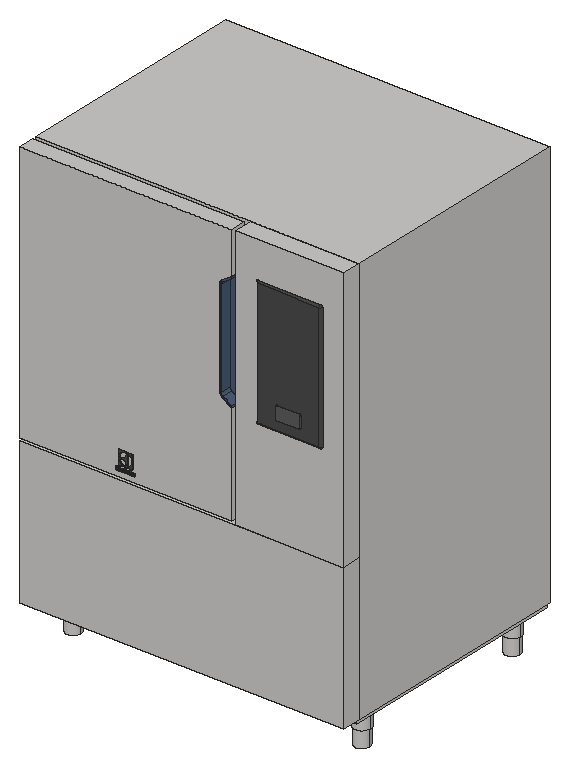
Revit family "QF_ELECTROLUXPROFESSIONAL_727876_EBFA12URE", category Specialty Equipment, Revit 2018
Family settings
  Round Connector Dimension = Use Diameter
  Part Type = Normal
  Work Plane-Based = No
  Always vertical = Yes
  Cut with Voids When Loaded = No
  Shared = No
  Room Calculation Point = No
Parameters
  Weight = 0.00 kg
  Watts = 0 W
  Volts = 380 V
  URL Manufacturer = "http://professional.electrolux.com"
  URL = "http://professional.electrolux.com"
  Steam Supply Size = 0 mm
  Steam Supply Minimum Pressure = 0.0 Pa
  Steam Supply Maximum Pressure = 0.0 Pa
  Steam Pounds per Hour = 0
  Show Logo [instance] = yes
  Show Clearance [instance] = yes
  Refrigeration Suction Line Size = 0 mm
  Refrigeration Liquid Line Size = 0 mm
  Refrigerant Compressor Remote = yes
  Manufacturer = "Electrolux"
  Phase = 3
  Model = "EBFA12URE"
  Length Actual = 1250 mm  # constant formula
  Item Number = "727876"
  Hot Water Size = 0 mm
  Height Actual = 1730 mm  # constant formula
  HP = "7.4 HP"
  Gas Size = 0 mm
  Gas KW = 0
  Gas Input Pressure = 0 W
  Direct Waste Size = 139.7 mm
  Description = "SKYLINE CHILLS BLAST CHILLER FREEZER 100/70KG 10 GN 2/1 - WITH UV LAMP"
  Depth Actual = 1092 mm  # constant formula
  Cycle = 50 Hz
  Condensate Return Size = 0 mm
  Compressed Air Volume = 0.0 L/s
  Compressed Air Size = 0 mm
  Compressed Air Pressure = 0.0 Pa
  Cold Water Size = 0 mm
  Accessory = yes
Reference planes
  plane 1 "Center X": y = 205.851
  plane 2: z = 0
  plane 3 "Center Y": x = -311.5
  plane 4 "BACK": y = 703.851
  plane 5 "FRONT": y = -292.149
  plane 6: z = 130
  plane 7 "TOP": z = 1730
  plane 8: y = 608.851
  plane 9: y = 795.851
  plane 10: y = -1071.149
  plane 11 "RIGHT": x = 313.5
  plane 12 "LEFT": x = -936.5
  plane 13: x = -869.5
  plane 14: x = 246.5
  plane 15: y = -118.149
Forms (mm)
  Extrusion 1, solid, material "QF_Finishes_Stainless Steel"
    sketch origin (0, 0, 1730) x (-1, 0, 0) y (0, -1, 0)
      loop
        line (936.5, -703.851) -> (936.5, 216.149) -> (-313.5, 216.149) -> (-313.5, -703.851) -> (936.5, -703.851)
    from 0 to -1580
  Extrusion 2, solid, material "QF_Finishes_Stainless Steel"
    sketch origin (-645.92, -0.954, 258.709) x (0, 1, 0) y (0, 0, 1)
      loop
        line (704.805, 694.306) -> (704.805, 392.314) -> (789.5, 399.789)
        arc (789.5, 399.789) -> (794.702, 402.354) -> (796.805, 407.759) r 8
        line (796.805, 407.759) -> (796.805, 433.233)
        arc (796.805, 433.233) -> (792.783, 442.547) -> (796.805, 451.86) r 12.795
        line (796.805, 451.86) -> (796.805, 483.24)
        arc (796.805, 483.24) -> (792.783, 492.554) -> (796.805, 501.867) r 12.795
        line (796.805, 501.867) -> (796.805, 533.247)
        arc (796.805, 533.247) -> (792.783, 542.56) -> (796.805, 551.874) r 12.795
        line (796.805, 551.874) -> (796.805, 583.254)
        arc (796.805, 583.254) -> (792.783, 592.567) -> (796.805, 601.881) r 12.795
        line (796.805, 601.881) -> (796.805, 634.796)
        arc (796.805, 634.796) -> (795.466, 639.795) -> (791.808, 643.455) r 10
        line (791.808, 643.455) -> (704.805, 694.306)
    from 618.187 to 801.865
  Extrusion 3, solid, material "QF_Finishes_Stainless Steel"
    sketch origin (-261.647, 703.851, 2065) x (1, 0, 0) y (0, 0, -1)
      loop
        circle (482.147, 1472) r 10.5
    from 0 to 29
  Extrusion 4, solid, material "QF_Finishes_Stainless Steel"
    sketch origin (-1206.916, -1524, 130) x (-1, 0, 0) y (0, -1, 0)
      loop
        line (-270.416, -1231.851) -> (-1520.416, -1231.851) -> (-1520.416, -1306.851) -> (-270.416, -1306.851) -> (-270.416, -1231.851)
    from 580 to 20.02
  Extrusion 5, solid, material "QF_Finishes_Stainless Steel"
    sketch origin (-1206.916, -1524, 130) x (-1, 0, 0) y (0, -1, 0)
      loop
        line (-279.416, -2227.851) -> (-279.416, -1309.851) -> (-1511.416, -1309.851) -> (-1511.416, -2227.851) -> (-279.416, -2227.851)
    from 20 to 0
  Extrusion 6, solid, material "QF_Finishes_Stainless Steel"
    sketch origin (-1206.916, -1524, 130) x (0, -1, 0) y (-1, 0, 0)
      loop
        circle (-1739.851, -840.416) r 9.5
    from 0 to 31.68
  Extrusion 7, void
    sketch origin (114.08, 0, 1730) x (-1, 0, 0) y (0, -1, 0)
      loop
        line (132.09, -795.851) -> (141.813, -795.851) -> (141.813, -703.851) -> (140.183, -703.851) -> (132.09, -795.851)
      loop
        line (-40.234, -703.851) -> (-41.865, -703.851) -> (-41.865, -795.851) -> (-32.141, -795.851) -> (-40.234, -703.851)
    from -1080 to -770
  Extrusion 8, solid, material "QF_Finishes_Stainless Steel"
    sketch origin (-623, -292.149, 0) x (1, 0, 0) y (0, 0, -1)
      loop
        line (504.7, -1730) -> (504.7, -1567.97) -> (468.447, -1543.888)
        arc (468.447, -1543.888) -> (462.216, -1537.041) -> (459.96, -1528.062) r 19
        line (459.96, -1528.062) -> (459.96, -1153.149)
        arc (459.96, -1153.149) -> (462.339, -1143.688) -> (468.91, -1136.479) r 20
        line (468.91, -1136.479) -> (504.7, -1112.756) -> (504.7, -719.524) -> (-313.5, -719.524) -> (-313.5, -1730) -> (504.7, -1730)
    from 0 to 60
  Extrusion 9, solid, material "QF_Finishes_Stainless Steel"
    sketch origin (-445.5, 0, 1060.038) x (1, 0, 0) y (0, 1, 0)
      loop
        line (759, -292.149) -> (759, -217.149) -> (342, -217.149) -> (342, -292.149) -> (759, -292.149)
    from 669.962 to -349
  Extrusion 10, solid, material "QF_Door-Drawer Clearances", visible <- "Show Clearance", detail levels coarse
    sketch origin (-623, 0, 1060.038) x (1, 0, 0) y (0, 1, 0)
      loop
        line (-260.5, -292.149) -> (-260.5, -1068.649)
        arc (-260.5, -1068.649) -> (276.158, -832.215) -> (504.7, -292.149) r 795
        line (504.7, -292.149) -> (-260.5, -292.149)
    from -340.514 to 669.962
  Extrusion 11, solid, material "QF_Finishes_Stainless Steel"
    sketch origin (-569.5, -232.149, 600.072) x (1, 0, 0) y (0, 0, -1)
      loop
        line (406.46, -553.076) -> (406.46, -927.989)
        arc (406.46, -927.989) -> (408.716, -936.969) -> (414.947, -943.816) r 19
        line (414.947, -943.816) -> (451.2, -967.898) -> (451.2, -512.683) -> (415.41, -536.406)
        arc (415.41, -536.406) -> (408.839, -543.616) -> (406.46, -553.076) r 20
    from -21 to 0
  Extrusion 12, solid, material "QF_Finishes_Electrolux_Blue"
    sketch origin (-569.5, -292.149, 600.072) x (-1, 0, 0) y (0, 0, -1)
      loop
        line (-451.2, -967.898) -> (-414.947, -943.816)
        arc (-414.947, -943.816) -> (-408.716, -936.969) -> (-406.46, -927.989) r 19
        line (-406.46, -927.989) -> (-406.46, -553.076)
        arc (-406.46, -553.076) -> (-408.839, -543.616) -> (-415.41, -536.406) r 20
        line (-415.41, -536.406) -> (-451.2, -512.683) -> (-453.7, -512.683) -> (-453.7, -518.824) -> (-419.001, -541.824)
        arc (-419.001, -541.824) -> (-414.566, -546.691) -> (-412.96, -553.076) r 13.5
        line (-412.96, -553.076) -> (-412.96, -927.989)
        arc (-412.96, -927.989) -> (-414.444, -933.897) -> (-418.543, -938.401) r 12.5
        line (-418.543, -938.401) -> (-453.7, -961.755) -> (-453.7, -967.898) -> (-451.2, -967.898)
    from -39 to 1
  Extrusion 13, void
    sketch origin (136, -219.149, 1731) x (1, 0, 0) y (0, 0, -1)
      loop
        line (-387.5, 75) -> (-387.5, 977) -> (-998.5, 977) -> (-998.5, 75) -> (-387.5, 75)
    from 0 to 705
  Extrusion 14, solid, material "QF_Door-Drawer Clearances", visible <- "Show Clearance", detail levels coarse
    sketch origin (-943.5, -326.949, 0) x (0, -1, 0) y (0, 0, -1)
      loop
        line (741.7, -1730) -> (741.7, -1567.97) -> (705.447, -1543.888)
        arc (705.447, -1543.888) -> (699.216, -1537.041) -> (696.96, -1528.062) r 19
        line (696.96, -1528.062) -> (696.96, -1153.149)
        arc (696.96, -1153.149) -> (699.339, -1143.688) -> (705.91, -1136.479) r 20
        line (705.91, -1136.479) -> (741.7, -1112.756) -> (741.7, -719.524) -> (-34.8, -719.524) -> (-34.8, -1730) -> (741.7, -1730)
    from 0 to 60
  Extrusion 15, solid, material "QF_Door-Drawer Clearances", visible <- "Show Clearance", detail levels coarse
    sketch origin (-883.5, -380.449, 600.072) x (0, -1, 0) y (0, 0, -1)
      loop
        line (643.46, -553.076) -> (643.46, -927.989)
        arc (643.46, -927.989) -> (645.716, -936.969) -> (651.947, -943.816) r 19
        line (651.947, -943.816) -> (688.2, -967.898) -> (688.2, -512.683) -> (652.41, -536.406)
        arc (652.41, -536.406) -> (645.839, -543.616) -> (643.46, -553.076) r 20
    from -21 to 0
  Extrusion 16, solid, material "QF_Door-Drawer Clearances", visible <- "Show Clearance", detail levels coarse
    sketch origin (-943.5, -380.449, 600.072) x (0, 1, 0) y (0, 0, -1)
      loop
        line (-688.2, -967.898) -> (-651.947, -943.816)
        arc (-651.947, -943.816) -> (-645.716, -936.969) -> (-643.46, -927.989) r 19
        line (-643.46, -927.989) -> (-643.46, -553.076)
        arc (-643.46, -553.076) -> (-645.839, -543.616) -> (-652.41, -536.406) r 20
        line (-652.41, -536.406) -> (-688.2, -512.683) -> (-690.7, -512.683) -> (-690.7, -518.824) -> (-656.001, -541.824)
        arc (-656.001, -541.824) -> (-651.566, -546.691) -> (-649.96, -553.076) r 13.5
        line (-649.96, -553.076) -> (-649.96, -927.989)
        arc (-649.96, -927.989) -> (-651.444, -933.897) -> (-655.543, -938.401) r 12.5
        line (-655.543, -938.401) -> (-690.7, -961.755) -> (-690.7, -967.898) -> (-688.2, -967.898)
    from -39 to 1
Cuts and joins
  Extrusion 13 cuts Extrusion 1
  Extrusion 7, Extrusion 13 cuts Extrusion 2
  Extrusion 13 cuts Extrusion 3
  Extrusion 13 cuts Extrusion 5
  Extrusion 13 cuts Extrusion 6
  joined: Extrusion 1, Extrusion 2, Extrusion 3, Extrusion 5, Extrusion 6
  joined: Extrusion 10, Extrusion 14, Extrusion 15, Extrusion 16
Lines and regions (mm)
  Split face 1
    outline origin (775.107, -292.149, -365.12) x (-1, 0, 0) y (0, 0, -1)
      loop
        line (491.638, -548.639) -> (601.654, -548.639) -> (601.654, -543.665) -> (491.638, -543.665) -> (491.638, -548.639)
  Split face 2
    outline origin (775.107, -292.149, -355.62) x (-1, 0, 0) y (0, 0, -1)
      loop
        line (491.638, -548.639) -> (601.654, -548.639) -> (601.654, -543.665) -> (491.638, -543.665) -> (491.638, -548.639)
  Split face 3
    outline origin (775.107, -292.149, -346.12) x (-1, 0, 0) y (0, 0, -1)
      loop
        line (491.638, -548.639) -> (601.654, -548.639) -> (601.654, -543.665) -> (491.638, -543.665) -> (491.638, -548.639)
  Split face 4
    outline origin (775.107, -292.149, -336.62) x (-1, 0, 0) y (0, 0, -1)
      loop
        line (491.638, -548.639) -> (601.654, -548.639) -> (601.654, -543.665) -> (491.638, -543.665) -> (491.638, -548.639)
  Split face 5
    outline origin (775.107, -292.149, -327.12) x (-1, 0, 0) y (0, 0, -1)
      loop
        line (491.638, -548.639) -> (601.654, -548.639) -> (601.654, -543.665) -> (491.638, -543.665) -> (491.638, -548.639)
  Split face 6
    outline origin (775.107, -292.149, -317.619) x (-1, 0, 0) y (0, 0, -1)
      loop
        line (491.638, -548.639) -> (601.654, -548.639) -> (601.654, -543.665) -> (491.638, -543.665) -> (491.638, -548.639)
  Split face 7
    outline origin (775.107, -292.149, -308.119) x (-1, 0, 0) y (0, 0, -1)
      loop
        line (491.638, -548.639) -> (601.654, -548.639) -> (601.654, -543.665) -> (491.638, -543.665) -> (491.638, -548.639)
  Split face 8
    outline origin (775.107, -292.149, -298.619) x (-1, 0, 0) y (0, 0, -1)
      loop
        line (491.638, -548.639) -> (601.654, -548.639) -> (601.654, -543.665) -> (491.638, -543.665) -> (491.638, -548.639)
  Split face 9
    outline origin (775.107, -292.149, -289.119) x (-1, 0, 0) y (0, 0, -1)
      loop
        line (491.638, -548.639) -> (601.654, -548.639) -> (601.654, -543.665) -> (491.638, -543.665) -> (491.638, -548.639)
  Split face 10
    outline origin (775.107, -292.149, -279.619) x (-1, 0, 0) y (0, 0, -1)
      loop
        line (491.638, -548.639) -> (601.654, -548.639) -> (601.654, -543.665) -> (491.638, -543.665) -> (491.638, -548.639)
  Split face 11
    outline origin (775.107, -292.149, -270.119) x (-1, 0, 0) y (0, 0, -1)
      loop
        line (491.638, -548.639) -> (601.654, -548.639) -> (601.654, -543.665) -> (491.638, -543.665) -> (491.638, -548.639)
  Split face 12
    outline origin (775.107, -292.149, -260.619) x (-1, 0, 0) y (0, 0, -1)
      loop
        line (491.638, -548.639) -> (601.654, -548.639) -> (601.654, -543.665) -> (491.638, -543.665) -> (491.638, -548.639)
  Split face 13
    outline origin (775.107, -292.149, -251.119) x (-1, 0, 0) y (0, 0, -1)
      loop
        line (491.638, -548.639) -> (601.654, -548.639) -> (601.654, -543.665) -> (491.638, -543.665) -> (491.638, -548.639)
  Split face 14
    outline origin (775.107, -292.149, -241.619) x (-1, 0, 0) y (0, 0, -1)
      loop
        line (491.638, -548.639) -> (601.654, -548.639) -> (601.654, -543.665) -> (491.638, -543.665) -> (491.638, -548.639)
  Split face 15
    outline origin (775.107, -292.149, -232.119) x (-1, 0, 0) y (0, 0, -1)
      loop
        line (491.638, -548.639) -> (601.654, -548.639) -> (601.654, -543.665) -> (491.638, -543.665) -> (491.638, -548.639)
  Split face 16
    outline origin (775.107, -292.149, -222.619) x (-1, 0, 0) y (0, 0, -1)
      loop
        line (491.638, -548.639) -> (601.654, -548.639) -> (601.654, -543.665) -> (491.638, -543.665) -> (491.638, -548.639)
  Split face 17
    outline origin (775.107, -292.149, -213.119) x (-1, 0, 0) y (0, 0, -1)
      loop
        line (491.638, -548.639) -> (601.654, -548.639) -> (601.654, -543.665) -> (491.638, -543.665) -> (491.638, -548.639)
  Split face 18
    outline origin (775.107, -292.149, -203.619) x (-1, 0, 0) y (0, 0, -1)
      loop
        line (491.638, -548.639) -> (601.654, -548.639) -> (601.654, -543.665) -> (491.638, -543.665) -> (491.638, -548.639)
  Split face 19
    outline origin (775.107, -292.149, -194.118) x (-1, 0, 0) y (0, 0, -1)
      loop
        line (491.638, -548.639) -> (601.654, -548.639) -> (601.654, -543.665) -> (491.638, -543.665) -> (491.638, -548.639)
  Split face 20
    outline origin (775.107, -292.149, -184.618) x (-1, 0, 0) y (0, 0, -1)
      loop
        line (491.638, -548.639) -> (601.654, -548.639) -> (601.654, -543.665) -> (491.638, -543.665) -> (491.638, -548.639)
  Split face 21
    outline origin (775.107, -292.149, -175.118) x (-1, 0, 0) y (0, 0, -1)
      loop
        line (491.638, -548.639) -> (601.654, -548.639) -> (601.654, -543.665) -> (491.638, -543.665) -> (491.638, -548.639)
  Split face 22
    outline origin (775.107, -292.149, -165.618) x (-1, 0, 0) y (0, 0, -1)
      loop
        line (491.638, -548.639) -> (601.654, -548.639) -> (601.654, -543.665) -> (491.638, -543.665) -> (491.638, -548.639)
  Split face 23
    outline origin (775.107, -292.149, -156.118) x (-1, 0, 0) y (0, 0, -1)
      loop
        line (491.638, -548.639) -> (601.654, -548.639) -> (601.654, -543.665) -> (491.638, -543.665) -> (491.638, -548.639)
  Split face 24
    outline origin (775.107, -292.149, -146.618) x (-1, 0, 0) y (0, 0, -1)
      loop
        line (491.638, -548.639) -> (601.654, -548.639) -> (601.654, -543.665) -> (491.638, -543.665) -> (491.638, -548.639)
  Split face 25
    outline origin (775.107, -292.149, -137.118) x (-1, 0, 0) y (0, 0, -1)
      loop
        line (491.638, -548.639) -> (601.654, -548.639) -> (601.654, -543.665) -> (491.638, -543.665) -> (491.638, -548.639)
  Split face 26
    outline origin (775.107, -292.149, -127.618) x (-1, 0, 0) y (0, 0, -1)
      loop
        line (491.638, -548.639) -> (601.654, -548.639) -> (601.654, -543.665) -> (491.638, -543.665) -> (491.638, -548.639)
  Split face 27
    outline origin (775.107, -292.149, -118.118) x (-1, 0, 0) y (0, 0, -1)
      loop
        line (491.638, -548.639) -> (601.654, -548.639) -> (601.654, -543.665) -> (491.638, -543.665) -> (491.638, -548.639)
  Split face 28
    outline origin (775.107, -292.149, -108.618) x (-1, 0, 0) y (0, 0, -1)
      loop
        line (491.638, -548.639) -> (601.654, -548.639) -> (601.654, -543.665) -> (491.638, -543.665) -> (491.638, -548.639)
  Split face 29
    outline origin (775.107, -292.149, -99.118) x (-1, 0, 0) y (0, 0, -1)
      loop
        line (491.638, -548.639) -> (601.654, -548.639) -> (601.654, -543.665) -> (491.638, -543.665) -> (491.638, -548.639)
  Split face 30
    outline origin (775.107, -292.149, -89.618) x (-1, 0, 0) y (0, 0, -1)
      loop
        line (491.638, -548.639) -> (601.654, -548.639) -> (601.654, -543.665) -> (491.638, -543.665) -> (491.638, -548.639)
  Split face 31
    outline origin (775.107, -292.149, -80.117) x (-1, 0, 0) y (0, 0, -1)
      loop
        line (491.638, -548.639) -> (601.654, -548.639) -> (601.654, -543.665) -> (491.638, -543.665) -> (491.638, -548.639)
  Split face 32
    outline origin (775.107, -292.149, -70.617) x (-1, 0, 0) y (0, 0, -1)
      loop
        line (491.638, -548.639) -> (601.654, -548.639) -> (601.654, -543.665) -> (491.638, -543.665) -> (491.638, -548.639)
  Split face 33
    outline origin (775.107, -292.149, -61.117) x (-1, 0, 0) y (0, 0, -1)
      loop
        line (491.638, -548.639) -> (601.654, -548.639) -> (601.654, -543.665) -> (491.638, -543.665) -> (491.638, -548.639)
  Split face 34
    outline origin (775.107, -292.149, -51.617) x (-1, 0, 0) y (0, 0, -1)
      loop
        line (491.638, -548.639) -> (601.654, -548.639) -> (601.654, -543.665) -> (491.638, -543.665) -> (491.638, -548.639)
  Split face 35
    outline origin (775.107, -292.149, -42.117) x (-1, 0, 0) y (0, 0, -1)
      loop
        line (491.638, -548.639) -> (601.654, -548.639) -> (601.654, -543.665) -> (491.638, -543.665) -> (491.638, -548.639)
  Split face 36
    outline origin (775.107, -292.149, -32.617) x (-1, 0, 0) y (0, 0, -1)
      loop
        line (491.638, -548.639) -> (601.654, -548.639) -> (601.654, -543.665) -> (491.638, -543.665) -> (491.638, -548.639)
  Split face 37
    outline origin (775.107, -292.149, -23.117) x (-1, 0, 0) y (0, 0, -1)
      loop
        line (491.638, -548.639) -> (601.654, -548.639) -> (601.654, -543.665) -> (491.638, -543.665) -> (491.638, -548.639)
  Split face 38
    outline origin (775.107, -292.149, -13.617) x (-1, 0, 0) y (0, 0, -1)
      loop
        line (491.638, -548.639) -> (601.654, -548.639) -> (601.654, -543.665) -> (491.638, -543.665) -> (491.638, -548.639)
  Split face 39
    outline origin (775.107, -292.149, -4.117) x (-1, 0, 0) y (0, 0, -1)
      loop
        line (491.638, -548.639) -> (601.654, -548.639) -> (601.654, -543.665) -> (491.638, -543.665) -> (491.638, -548.639)
  Split face 40
    outline origin (775.107, -292.149, 5.383) x (-1, 0, 0) y (0, 0, -1)
      loop
        line (491.638, -548.639) -> (601.654, -548.639) -> (601.654, -543.665) -> (491.638, -543.665) -> (491.638, -548.639)
  Split face 41
    outline origin (775.107, -292.149, 14.883) x (-1, 0, 0) y (0, 0, -1)
      loop
        line (491.638, -548.639) -> (601.654, -548.639) -> (601.654, -543.665) -> (491.638, -543.665) -> (491.638, -548.639)
  Split face 42
    outline origin (655.115, -292.149, -365.12) x (-1, 0, 0) y (0, 0, -1)
      loop
        line (491.638, -548.639) -> (601.654, -548.639) -> (601.654, -543.665) -> (491.638, -543.665) -> (491.638, -548.639)
  Split face 43
    outline origin (655.115, -292.149, -355.62) x (-1, 0, 0) y (0, 0, -1)
      loop
        line (491.638, -548.639) -> (601.654, -548.639) -> (601.654, -543.665) -> (491.638, -543.665) -> (491.638, -548.639)
  Split face 44
    outline origin (655.115, -292.149, -346.12) x (-1, 0, 0) y (0, 0, -1)
      loop
        line (491.638, -548.639) -> (601.654, -548.639) -> (601.654, -543.665) -> (491.638, -543.665) -> (491.638, -548.639)
  Split face 45
    outline origin (655.115, -292.149, -336.62) x (-1, 0, 0) y (0, 0, -1)
      loop
        line (491.638, -548.639) -> (601.654, -548.639) -> (601.654, -543.665) -> (491.638, -543.665) -> (491.638, -548.639)
  Split face 46
    outline origin (655.115, -292.149, -327.12) x (-1, 0, 0) y (0, 0, -1)
      loop
        line (491.638, -548.639) -> (601.654, -548.639) -> (601.654, -543.665) -> (491.638, -543.665) -> (491.638, -548.639)
  Split face 47
    outline origin (655.115, -292.149, -317.619) x (-1, 0, 0) y (0, 0, -1)
      loop
        line (491.638, -548.639) -> (601.654, -548.639) -> (601.654, -543.665) -> (491.638, -543.665) -> (491.638, -548.639)
  Split face 48
    outline origin (655.115, -292.149, -308.119) x (-1, 0, 0) y (0, 0, -1)
      loop
        line (491.638, -548.639) -> (601.654, -548.639) -> (601.654, -543.665) -> (491.638, -543.665) -> (491.638, -548.639)
  Split face 49
    outline origin (655.115, -292.149, -298.619) x (-1, 0, 0) y (0, 0, -1)
      loop
        line (491.638, -548.639) -> (601.654, -548.639) -> (601.654, -543.665) -> (491.638, -543.665) -> (491.638, -548.639)
  Split face 50
    outline origin (655.115, -292.149, -289.119) x (-1, 0, 0) y (0, 0, -1)
      loop
        line (491.638, -548.639) -> (601.654, -548.639) -> (601.654, -543.665) -> (491.638, -543.665) -> (491.638, -548.639)
  Split face 51
    outline origin (655.115, -292.149, -279.619) x (-1, 0, 0) y (0, 0, -1)
      loop
        line (491.638, -548.639) -> (601.654, -548.639) -> (601.654, -543.665) -> (491.638, -543.665) -> (491.638, -548.639)
  Split face 52
    outline origin (655.115, -292.149, -270.119) x (-1, 0, 0) y (0, 0, -1)
      loop
        line (491.638, -548.639) -> (601.654, -548.639) -> (601.654, -543.665) -> (491.638, -543.665) -> (491.638, -548.639)
  Split face 53
    outline origin (655.115, -292.149, -260.619) x (-1, 0, 0) y (0, 0, -1)
      loop
        line (491.638, -548.639) -> (601.654, -548.639) -> (601.654, -543.665) -> (491.638, -543.665) -> (491.638, -548.639)
  Split face 54
    outline origin (655.115, -292.149, -251.119) x (-1, 0, 0) y (0, 0, -1)
      loop
        line (491.638, -548.639) -> (601.654, -548.639) -> (601.654, -543.665) -> (491.638, -543.665) -> (491.638, -548.639)
  Split face 55
    outline origin (655.115, -292.149, -241.619) x (-1, 0, 0) y (0, 0, -1)
      loop
        line (491.638, -548.639) -> (601.654, -548.639) -> (601.654, -543.665) -> (491.638, -543.665) -> (491.638, -548.639)
  Split face 56
    outline origin (655.115, -292.149, -232.119) x (-1, 0, 0) y (0, 0, -1)
      loop
        line (491.638, -548.639) -> (601.654, -548.639) -> (601.654, -543.665) -> (491.638, -543.665) -> (491.638, -548.639)
  Split face 57
    outline origin (655.115, -292.149, -222.619) x (-1, 0, 0) y (0, 0, -1)
      loop
        line (491.638, -548.639) -> (601.654, -548.639) -> (601.654, -543.665) -> (491.638, -543.665) -> (491.638, -548.639)
  Split face 58
    outline origin (655.115, -292.149, -213.119) x (-1, 0, 0) y (0, 0, -1)
      loop
        line (491.638, -548.639) -> (601.654, -548.639) -> (601.654, -543.665) -> (491.638, -543.665) -> (491.638, -548.639)
  Split face 59
    outline origin (655.115, -292.149, -203.619) x (-1, 0, 0) y (0, 0, -1)
      loop
        line (491.638, -548.639) -> (601.654, -548.639) -> (601.654, -543.665) -> (491.638, -543.665) -> (491.638, -548.639)
  Split face 60
    outline origin (655.115, -292.149, -194.118) x (-1, 0, 0) y (0, 0, -1)
      loop
        line (491.638, -548.639) -> (601.654, -548.639) -> (601.654, -543.665) -> (491.638, -543.665) -> (491.638, -548.639)
  Split face 61
    outline origin (655.115, -292.149, -184.618) x (-1, 0, 0) y (0, 0, -1)
      loop
        line (491.638, -548.639) -> (601.654, -548.639) -> (601.654, -543.665) -> (491.638, -543.665) -> (491.638, -548.639)
  Split face 62
    outline origin (655.115, -292.149, -175.118) x (-1, 0, 0) y (0, 0, -1)
      loop
        line (491.638, -548.639) -> (601.654, -548.639) -> (601.654, -543.665) -> (491.638, -543.665) -> (491.638, -548.639)
  Split face 63
    outline origin (655.115, -292.149, -165.618) x (-1, 0, 0) y (0, 0, -1)
      loop
        line (491.638, -548.639) -> (601.654, -548.639) -> (601.654, -543.665) -> (491.638, -543.665) -> (491.638, -548.639)
  Split face 64
    outline origin (655.115, -292.149, -156.118) x (-1, 0, 0) y (0, 0, -1)
      loop
        line (491.638, -548.639) -> (601.654, -548.639) -> (601.654, -543.665) -> (491.638, -543.665) -> (491.638, -548.639)
  Split face 65
    outline origin (655.115, -292.149, -146.618) x (-1, 0, 0) y (0, 0, -1)
      loop
        line (491.638, -548.639) -> (601.654, -548.639) -> (601.654, -543.665) -> (491.638, -543.665) -> (491.638, -548.639)
  Split face 66
    outline origin (655.115, -292.149, -137.118) x (-1, 0, 0) y (0, 0, -1)
      loop
        line (491.638, -548.639) -> (601.654, -548.639) -> (601.654, -543.665) -> (491.638, -543.665) -> (491.638, -548.639)
  Split face 67
    outline origin (655.115, -292.149, -127.618) x (-1, 0, 0) y (0, 0, -1)
      loop
        line (491.638, -548.639) -> (601.654, -548.639) -> (601.654, -543.665) -> (491.638, -543.665) -> (491.638, -548.639)
  Split face 68
    outline origin (655.115, -292.149, -118.118) x (-1, 0, 0) y (0, 0, -1)
      loop
        line (491.638, -548.639) -> (601.654, -548.639) -> (601.654, -543.665) -> (491.638, -543.665) -> (491.638, -548.639)
  Split face 69
    outline origin (655.115, -292.149, -108.618) x (-1, 0, 0) y (0, 0, -1)
      loop
        line (491.638, -548.639) -> (601.654, -548.639) -> (601.654, -543.665) -> (491.638, -543.665) -> (491.638, -548.639)
  Split face 70
    outline origin (655.115, -292.149, -99.118) x (-1, 0, 0) y (0, 0, -1)
      loop
        line (491.638, -548.639) -> (601.654, -548.639) -> (601.654, -543.665) -> (491.638, -543.665) -> (491.638, -548.639)
  Split face 71
    outline origin (655.115, -292.149, -89.618) x (-1, 0, 0) y (0, 0, -1)
      loop
        line (491.638, -548.639) -> (601.654, -548.639) -> (601.654, -543.665) -> (491.638, -543.665) -> (491.638, -548.639)
  Split face 72
    outline origin (655.115, -292.149, -80.117) x (-1, 0, 0) y (0, 0, -1)
      loop
        line (491.638, -548.639) -> (601.654, -548.639) -> (601.654, -543.665) -> (491.638, -543.665) -> (491.638, -548.639)
  Split face 73
    outline origin (655.115, -292.149, -70.617) x (-1, 0, 0) y (0, 0, -1)
      loop
        line (491.638, -548.639) -> (601.654, -548.639) -> (601.654, -543.665) -> (491.638, -543.665) -> (491.638, -548.639)
  Split face 74
    outline origin (655.115, -292.149, -61.117) x (-1, 0, 0) y (0, 0, -1)
      loop
        line (491.638, -548.639) -> (601.654, -548.639) -> (601.654, -543.665) -> (491.638, -543.665) -> (491.638, -548.639)
  Split face 75
    outline origin (655.115, -292.149, -51.617) x (-1, 0, 0) y (0, 0, -1)
      loop
        line (491.638, -548.639) -> (601.654, -548.639) -> (601.654, -543.665) -> (491.638, -543.665) -> (491.638, -548.639)
  Split face 76
    outline origin (655.115, -292.149, -42.117) x (-1, 0, 0) y (0, 0, -1)
      loop
        line (491.638, -548.639) -> (601.654, -548.639) -> (601.654, -543.665) -> (491.638, -543.665) -> (491.638, -548.639)
  Split face 77
    outline origin (655.115, -292.149, -32.617) x (-1, 0, 0) y (0, 0, -1)
      loop
        line (491.638, -548.639) -> (601.654, -548.639) -> (601.654, -543.665) -> (491.638, -543.665) -> (491.638, -548.639)
  Split face 78
    outline origin (655.115, -292.149, -23.117) x (-1, 0, 0) y (0, 0, -1)
      loop
        line (491.638, -548.639) -> (601.654, -548.639) -> (601.654, -543.665) -> (491.638, -543.665) -> (491.638, -548.639)
  Split face 79
    outline origin (655.115, -292.149, -13.617) x (-1, 0, 0) y (0, 0, -1)
      loop
        line (491.638, -548.639) -> (601.654, -548.639) -> (601.654, -543.665) -> (491.638, -543.665) -> (491.638, -548.639)
  Split face 80
    outline origin (655.115, -292.149, -4.117) x (-1, 0, 0) y (0, 0, -1)
      loop
        line (491.638, -548.639) -> (601.654, -548.639) -> (601.654, -543.665) -> (491.638, -543.665) -> (491.638, -548.639)
  Split face 81
    outline origin (655.115, -292.149, 5.383) x (-1, 0, 0) y (0, 0, -1)
      loop
        line (491.638, -548.639) -> (601.654, -548.639) -> (601.654, -543.665) -> (491.638, -543.665) -> (491.638, -548.639)
  Split face 82
    outline origin (655.115, -292.149, 14.883) x (-1, 0, 0) y (0, 0, -1)
      loop
        line (491.638, -548.639) -> (601.654, -548.639) -> (601.654, -543.665) -> (491.638, -543.665) -> (491.638, -548.639)
  Split face 83
    outline origin (535.124, -292.149, -365.12) x (-1, 0, 0) y (0, 0, -1)
      loop
        line (491.638, -548.639) -> (601.654, -548.639) -> (601.654, -543.665) -> (491.638, -543.665) -> (491.638, -548.639)
  Split face 84
    outline origin (535.124, -292.149, -355.62) x (-1, 0, 0) y (0, 0, -1)
      loop
        line (491.638, -548.639) -> (601.654, -548.639) -> (601.654, -543.665) -> (491.638, -543.665) -> (491.638, -548.639)
  Split face 85
    outline origin (535.124, -292.149, -346.12) x (-1, 0, 0) y (0, 0, -1)
      loop
        line (491.638, -548.639) -> (601.654, -548.639) -> (601.654, -543.665) -> (491.638, -543.665) -> (491.638, -548.639)
  Split face 86
    outline origin (535.124, -292.149, -336.62) x (-1, 0, 0) y (0, 0, -1)
      loop
        line (491.638, -548.639) -> (601.654, -548.639) -> (601.654, -543.665) -> (491.638, -543.665) -> (491.638, -548.639)
  Split face 87
    outline origin (535.124, -292.149, -327.12) x (-1, 0, 0) y (0, 0, -1)
      loop
        line (491.638, -548.639) -> (601.654, -548.639) -> (601.654, -543.665) -> (491.638, -543.665) -> (491.638, -548.639)
  Split face 88
    outline origin (535.124, -292.149, -317.619) x (-1, 0, 0) y (0, 0, -1)
      loop
        line (491.638, -548.639) -> (601.654, -548.639) -> (601.654, -543.665) -> (491.638, -543.665) -> (491.638, -548.639)
  Split face 89
    outline origin (535.124, -292.149, -308.119) x (-1, 0, 0) y (0, 0, -1)
      loop
        line (491.638, -548.639) -> (601.654, -548.639) -> (601.654, -543.665) -> (491.638, -543.665) -> (491.638, -548.639)
  Split face 90
    outline origin (535.124, -292.149, -298.619) x (-1, 0, 0) y (0, 0, -1)
      loop
        line (491.638, -548.639) -> (601.654, -548.639) -> (601.654, -543.665) -> (491.638, -543.665) -> (491.638, -548.639)
  Split face 91
    outline origin (535.124, -292.149, -289.119) x (-1, 0, 0) y (0, 0, -1)
      loop
        line (491.638, -548.639) -> (601.654, -548.639) -> (601.654, -543.665) -> (491.638, -543.665) -> (491.638, -548.639)
  Split face 92
    outline origin (535.124, -292.149, -279.619) x (-1, 0, 0) y (0, 0, -1)
      loop
        line (491.638, -548.639) -> (601.654, -548.639) -> (601.654, -543.665) -> (491.638, -543.665) -> (491.638, -548.639)
  Split face 93
    outline origin (535.124, -292.149, -270.119) x (-1, 0, 0) y (0, 0, -1)
      loop
        line (491.638, -548.639) -> (601.654, -548.639) -> (601.654, -543.665) -> (491.638, -543.665) -> (491.638, -548.639)
  Split face 94
    outline origin (535.124, -292.149, -260.619) x (-1, 0, 0) y (0, 0, -1)
      loop
        line (491.638, -548.639) -> (601.654, -548.639) -> (601.654, -543.665) -> (491.638, -543.665) -> (491.638, -548.639)
  Split face 95
    outline origin (535.124, -292.149, -251.119) x (-1, 0, 0) y (0, 0, -1)
      loop
        line (491.638, -548.639) -> (601.654, -548.639) -> (601.654, -543.665) -> (491.638, -543.665) -> (491.638, -548.639)
  Split face 96
    outline origin (535.124, -292.149, -241.619) x (-1, 0, 0) y (0, 0, -1)
      loop
        line (491.638, -548.639) -> (601.654, -548.639) -> (601.654, -543.665) -> (491.638, -543.665) -> (491.638, -548.639)
  Split face 97
    outline origin (535.124, -292.149, -232.119) x (-1, 0, 0) y (0, 0, -1)
      loop
        line (491.638, -548.639) -> (601.654, -548.639) -> (601.654, -543.665) -> (491.638, -543.665) -> (491.638, -548.639)
  Split face 98
    outline origin (535.124, -292.149, -222.619) x (-1, 0, 0) y (0, 0, -1)
      loop
        line (491.638, -548.639) -> (601.654, -548.639) -> (601.654, -543.665) -> (491.638, -543.665) -> (491.638, -548.639)
  Split face 99
    outline origin (535.124, -292.149, -213.119) x (-1, 0, 0) y (0, 0, -1)
      loop
        line (491.638, -548.639) -> (601.654, -548.639) -> (601.654, -543.665) -> (491.638, -543.665) -> (491.638, -548.639)
  Split face 100
    outline origin (535.124, -292.149, -203.619) x (-1, 0, 0) y (0, 0, -1)
      loop
        line (491.638, -548.639) -> (601.654, -548.639) -> (601.654, -543.665) -> (491.638, -543.665) -> (491.638, -548.639)
  Split face 101
    outline origin (535.124, -292.149, -194.118) x (-1, 0, 0) y (0, 0, -1)
      loop
        line (491.638, -548.639) -> (601.654, -548.639) -> (601.654, -543.665) -> (491.638, -543.665) -> (491.638, -548.639)
  Split face 102
    outline origin (535.124, -292.149, -184.618) x (-1, 0, 0) y (0, 0, -1)
      loop
        line (491.638, -548.639) -> (601.654, -548.639) -> (601.654, -543.665) -> (491.638, -543.665) -> (491.638, -548.639)
  Split face 103
    outline origin (535.124, -292.149, -175.118) x (-1, 0, 0) y (0, 0, -1)
      loop
        line (491.638, -548.639) -> (601.654, -548.639) -> (601.654, -543.665) -> (491.638, -543.665) -> (491.638, -548.639)
  Split face 104
    outline origin (535.124, -292.149, -165.618) x (-1, 0, 0) y (0, 0, -1)
      loop
        line (491.638, -548.639) -> (601.654, -548.639) -> (601.654, -543.665) -> (491.638, -543.665) -> (491.638, -548.639)
  Split face 105
    outline origin (535.124, -292.149, -156.118) x (-1, 0, 0) y (0, 0, -1)
      loop
        line (491.638, -548.639) -> (601.654, -548.639) -> (601.654, -543.665) -> (491.638, -543.665) -> (491.638, -548.639)
  Split face 106
    outline origin (535.124, -292.149, -146.618) x (-1, 0, 0) y (0, 0, -1)
      loop
        line (491.638, -548.639) -> (601.654, -548.639) -> (601.654, -543.665) -> (491.638, -543.665) -> (491.638, -548.639)
  Split face 107
    outline origin (535.124, -292.149, -137.118) x (-1, 0, 0) y (0, 0, -1)
      loop
        line (491.638, -548.639) -> (601.654, -548.639) -> (601.654, -543.665) -> (491.638, -543.665) -> (491.638, -548.639)
  Split face 108
    outline origin (535.124, -292.149, -127.618) x (-1, 0, 0) y (0, 0, -1)
      loop
        line (491.638, -548.639) -> (601.654, -548.639) -> (601.654, -543.665) -> (491.638, -543.665) -> (491.638, -548.639)
  Split face 109
    outline origin (535.124, -292.149, -118.118) x (-1, 0, 0) y (0, 0, -1)
      loop
        line (491.638, -548.639) -> (601.654, -548.639) -> (601.654, -543.665) -> (491.638, -543.665) -> (491.638, -548.639)
  Split face 110
    outline origin (535.124, -292.149, -108.618) x (-1, 0, 0) y (0, 0, -1)
      loop
        line (491.638, -548.639) -> (601.654, -548.639) -> (601.654, -543.665) -> (491.638, -543.665) -> (491.638, -548.639)
  Split face 111
    outline origin (535.124, -292.149, -99.118) x (-1, 0, 0) y (0, 0, -1)
      loop
        line (491.638, -548.639) -> (601.654, -548.639) -> (601.654, -543.665) -> (491.638, -543.665) -> (491.638, -548.639)
  Split face 112
    outline origin (535.124, -292.149, -89.618) x (-1, 0, 0) y (0, 0, -1)
      loop
        line (491.638, -548.639) -> (601.654, -548.639) -> (601.654, -543.665) -> (491.638, -543.665) -> (491.638, -548.639)
  Split face 113
    outline origin (535.124, -292.149, -80.117) x (-1, 0, 0) y (0, 0, -1)
      loop
        line (491.638, -548.639) -> (601.654, -548.639) -> (601.654, -543.665) -> (491.638, -543.665) -> (491.638, -548.639)
  Split face 114
    outline origin (535.124, -292.149, -70.617) x (-1, 0, 0) y (0, 0, -1)
      loop
        line (491.638, -548.639) -> (601.654, -548.639) -> (601.654, -543.665) -> (491.638, -543.665) -> (491.638, -548.639)
  Split face 115
    outline origin (535.124, -292.149, -61.117) x (-1, 0, 0) y (0, 0, -1)
      loop
        line (491.638, -548.639) -> (601.654, -548.639) -> (601.654, -543.665) -> (491.638, -543.665) -> (491.638, -548.639)
  Split face 116
    outline origin (535.124, -292.149, -51.617) x (-1, 0, 0) y (0, 0, -1)
      loop
        line (491.638, -548.639) -> (601.654, -548.639) -> (601.654, -543.665) -> (491.638, -543.665) -> (491.638, -548.639)
  Split face 117
    outline origin (535.124, -292.149, -42.117) x (-1, 0, 0) y (0, 0, -1)
      loop
        line (491.638, -548.639) -> (601.654, -548.639) -> (601.654, -543.665) -> (491.638, -543.665) -> (491.638, -548.639)
  Split face 118
    outline origin (535.124, -292.149, -32.617) x (-1, 0, 0) y (0, 0, -1)
      loop
        line (491.638, -548.639) -> (601.654, -548.639) -> (601.654, -543.665) -> (491.638, -543.665) -> (491.638, -548.639)
  Split face 119
    outline origin (535.124, -292.149, -23.117) x (-1, 0, 0) y (0, 0, -1)
      loop
        line (491.638, -548.639) -> (601.654, -548.639) -> (601.654, -543.665) -> (491.638, -543.665) -> (491.638, -548.639)
  Split face 120
    outline origin (535.124, -292.149, -13.617) x (-1, 0, 0) y (0, 0, -1)
      loop
        line (491.638, -548.639) -> (601.654, -548.639) -> (601.654, -543.665) -> (491.638, -543.665) -> (491.638, -548.639)
  Split face 121
    outline origin (535.124, -292.149, -4.117) x (-1, 0, 0) y (0, 0, -1)
      loop
        line (491.638, -548.639) -> (601.654, -548.639) -> (601.654, -543.665) -> (491.638, -543.665) -> (491.638, -548.639)
  Split face 122
    outline origin (535.124, -292.149, 5.383) x (-1, 0, 0) y (0, 0, -1)
      loop
        line (491.638, -548.639) -> (601.654, -548.639) -> (601.654, -543.665) -> (491.638, -543.665) -> (491.638, -548.639)
  Split face 123
    outline origin (535.124, -292.149, 14.883) x (-1, 0, 0) y (0, 0, -1)
      loop
        line (491.638, -548.639) -> (601.654, -548.639) -> (601.654, -543.665) -> (491.638, -543.665) -> (491.638, -548.639)
  Split face 124
    outline origin (415.133, -292.149, -365.12) x (-1, 0, 0) y (0, 0, -1)
      loop
        line (491.638, -548.639) -> (601.654, -548.639) -> (601.654, -543.665) -> (491.638, -543.665) -> (491.638, -548.639)
  Split face 125
    outline origin (415.133, -292.149, -355.62) x (-1, 0, 0) y (0, 0, -1)
      loop
        line (491.638, -548.639) -> (601.654, -548.639) -> (601.654, -543.665) -> (491.638, -543.665) -> (491.638, -548.639)
  Split face 126
    outline origin (415.133, -292.149, -346.12) x (-1, 0, 0) y (0, 0, -1)
      loop
        line (491.638, -548.639) -> (601.654, -548.639) -> (601.654, -543.665) -> (491.638, -543.665) -> (491.638, -548.639)
  Split face 127
    outline origin (415.133, -292.149, -336.62) x (-1, 0, 0) y (0, 0, -1)
      loop
        line (491.638, -548.639) -> (601.654, -548.639) -> (601.654, -543.665) -> (491.638, -543.665) -> (491.638, -548.639)
  Split face 128
    outline origin (415.133, -292.149, -327.12) x (-1, 0, 0) y (0, 0, -1)
      loop
        line (491.638, -548.639) -> (601.654, -548.639) -> (601.654, -543.665) -> (491.638, -543.665) -> (491.638, -548.639)
  Split face 129
    outline origin (415.133, -292.149, -317.619) x (-1, 0, 0) y (0, 0, -1)
      loop
        line (491.638, -548.639) -> (601.654, -548.639) -> (601.654, -543.665) -> (491.638, -543.665) -> (491.638, -548.639)
  Split face 130
    outline origin (415.133, -292.149, -308.119) x (-1, 0, 0) y (0, 0, -1)
      loop
        line (491.638, -548.639) -> (601.654, -548.639) -> (601.654, -543.665) -> (491.638, -543.665) -> (491.638, -548.639)
  Split face 131
    outline origin (415.133, -292.149, -298.619) x (-1, 0, 0) y (0, 0, -1)
      loop
        line (491.638, -548.639) -> (601.654, -548.639) -> (601.654, -543.665) -> (491.638, -543.665) -> (491.638, -548.639)
  Split face 132
    outline origin (415.133, -292.149, -289.119) x (-1, 0, 0) y (0, 0, -1)
      loop
        line (491.638, -548.639) -> (601.654, -548.639) -> (601.654, -543.665) -> (491.638, -543.665) -> (491.638, -548.639)
  Split face 133
    outline origin (415.133, -292.149, -279.619) x (-1, 0, 0) y (0, 0, -1)
      loop
        line (491.638, -548.639) -> (601.654, -548.639) -> (601.654, -543.665) -> (491.638, -543.665) -> (491.638, -548.639)
  Split face 134
    outline origin (415.133, -292.149, -270.119) x (-1, 0, 0) y (0, 0, -1)
      loop
        line (491.638, -548.639) -> (601.654, -548.639) -> (601.654, -543.665) -> (491.638, -543.665) -> (491.638, -548.639)
  Split face 135
    outline origin (415.133, -292.149, -260.619) x (-1, 0, 0) y (0, 0, -1)
      loop
        line (491.638, -548.639) -> (601.654, -548.639) -> (601.654, -543.665) -> (491.638, -543.665) -> (491.638, -548.639)
  Split face 136
    outline origin (415.133, -292.149, -251.119) x (-1, 0, 0) y (0, 0, -1)
      loop
        line (491.638, -548.639) -> (601.654, -548.639) -> (601.654, -543.665) -> (491.638, -543.665) -> (491.638, -548.639)
  Split face 137
    outline origin (415.133, -292.149, -241.619) x (-1, 0, 0) y (0, 0, -1)
      loop
        line (491.638, -548.639) -> (601.654, -548.639) -> (601.654, -543.665) -> (491.638, -543.665) -> (491.638, -548.639)
  Split face 138
    outline origin (415.133, -292.149, -232.119) x (-1, 0, 0) y (0, 0, -1)
      loop
        line (491.638, -548.639) -> (601.654, -548.639) -> (601.654, -543.665) -> (491.638, -543.665) -> (491.638, -548.639)
  Split face 139
    outline origin (415.133, -292.149, -222.619) x (-1, 0, 0) y (0, 0, -1)
      loop
        line (491.638, -548.639) -> (601.654, -548.639) -> (601.654, -543.665) -> (491.638, -543.665) -> (491.638, -548.639)
  Split face 140
    outline origin (415.133, -292.149, -213.119) x (-1, 0, 0) y (0, 0, -1)
      loop
        line (491.638, -548.639) -> (601.654, -548.639) -> (601.654, -543.665) -> (491.638, -543.665) -> (491.638, -548.639)
  Split face 141
    outline origin (415.133, -292.149, -203.619) x (-1, 0, 0) y (0, 0, -1)
      loop
        line (491.638, -548.639) -> (601.654, -548.639) -> (601.654, -543.665) -> (491.638, -543.665) -> (491.638, -548.639)
  Split face 142
    outline origin (415.133, -292.149, -194.118) x (-1, 0, 0) y (0, 0, -1)
      loop
        line (491.638, -548.639) -> (601.654, -548.639) -> (601.654, -543.665) -> (491.638, -543.665) -> (491.638, -548.639)
  Split face 143
    outline origin (415.133, -292.149, -184.618) x (-1, 0, 0) y (0, 0, -1)
      loop
        line (491.638, -548.639) -> (601.654, -548.639) -> (601.654, -543.665) -> (491.638, -543.665) -> (491.638, -548.639)
  Split face 144
    outline origin (415.133, -292.149, -175.118) x (-1, 0, 0) y (0, 0, -1)
      loop
        line (491.638, -548.639) -> (601.654, -548.639) -> (601.654, -543.665) -> (491.638, -543.665) -> (491.638, -548.639)
  Split face 145
    outline origin (415.133, -292.149, -165.618) x (-1, 0, 0) y (0, 0, -1)
      loop
        line (491.638, -548.639) -> (601.654, -548.639) -> (601.654, -543.665) -> (491.638, -543.665) -> (491.638, -548.639)
  Split face 146
    outline origin (415.133, -292.149, -156.118) x (-1, 0, 0) y (0, 0, -1)
      loop
        line (491.638, -548.639) -> (601.654, -548.639) -> (601.654, -543.665) -> (491.638, -543.665) -> (491.638, -548.639)
  Split face 147
    outline origin (415.133, -292.149, -146.618) x (-1, 0, 0) y (0, 0, -1)
      loop
        line (491.638, -548.639) -> (601.654, -548.639) -> (601.654, -543.665) -> (491.638, -543.665) -> (491.638, -548.639)
  Split face 148
    outline origin (415.133, -292.149, -137.118) x (-1, 0, 0) y (0, 0, -1)
      loop
        line (491.638, -548.639) -> (601.654, -548.639) -> (601.654, -543.665) -> (491.638, -543.665) -> (491.638, -548.639)
  Split face 149
    outline origin (415.133, -292.149, -127.618) x (-1, 0, 0) y (0, 0, -1)
      loop
        line (491.638, -548.639) -> (601.654, -548.639) -> (601.654, -543.665) -> (491.638, -543.665) -> (491.638, -548.639)
  Split face 150
    outline origin (415.133, -292.149, -118.118) x (-1, 0, 0) y (0, 0, -1)
      loop
        line (491.638, -548.639) -> (601.654, -548.639) -> (601.654, -543.665) -> (491.638, -543.665) -> (491.638, -548.639)
  Split face 151
    outline origin (415.133, -292.149, -108.618) x (-1, 0, 0) y (0, 0, -1)
      loop
        line (491.638, -548.639) -> (601.654, -548.639) -> (601.654, -543.665) -> (491.638, -543.665) -> (491.638, -548.639)
  Split face 152
    outline origin (415.133, -292.149, -99.118) x (-1, 0, 0) y (0, 0, -1)
      loop
        line (491.638, -548.639) -> (601.654, -548.639) -> (601.654, -543.665) -> (491.638, -543.665) -> (491.638, -548.639)
  Split face 153
    outline origin (415.133, -292.149, -89.618) x (-1, 0, 0) y (0, 0, -1)
      loop
        line (491.638, -548.639) -> (601.654, -548.639) -> (601.654, -543.665) -> (491.638, -543.665) -> (491.638, -548.639)
  Split face 154
    outline origin (415.133, -292.149, -80.117) x (-1, 0, 0) y (0, 0, -1)
      loop
        line (491.638, -548.639) -> (601.654, -548.639) -> (601.654, -543.665) -> (491.638, -543.665) -> (491.638, -548.639)
  Split face 155
    outline origin (415.133, -292.149, -70.617) x (-1, 0, 0) y (0, 0, -1)
      loop
        line (491.638, -548.639) -> (601.654, -548.639) -> (601.654, -543.665) -> (491.638, -543.665) -> (491.638, -548.639)
  Split face 156
    outline origin (415.133, -292.149, -61.117) x (-1, 0, 0) y (0, 0, -1)
      loop
        line (491.638, -548.639) -> (601.654, -548.639) -> (601.654, -543.665) -> (491.638, -543.665) -> (491.638, -548.639)
  Split face 157
    outline origin (415.133, -292.149, -51.617) x (-1, 0, 0) y (0, 0, -1)
      loop
        line (491.638, -548.639) -> (601.654, -548.639) -> (601.654, -543.665) -> (491.638, -543.665) -> (491.638, -548.639)
  Split face 158
    outline origin (415.133, -292.149, -42.117) x (-1, 0, 0) y (0, 0, -1)
      loop
        line (491.638, -548.639) -> (601.654, -548.639) -> (601.654, -543.665) -> (491.638, -543.665) -> (491.638, -548.639)
  Split face 159
    outline origin (415.133, -292.149, -32.617) x (-1, 0, 0) y (0, 0, -1)
      loop
        line (491.638, -548.639) -> (601.654, -548.639) -> (601.654, -543.665) -> (491.638, -543.665) -> (491.638, -548.639)
  Split face 160
    outline origin (415.133, -292.149, -23.117) x (-1, 0, 0) y (0, 0, -1)
      loop
        line (491.638, -548.639) -> (601.654, -548.639) -> (601.654, -543.665) -> (491.638, -543.665) -> (491.638, -548.639)
  Split face 161
    outline origin (415.133, -292.149, -13.617) x (-1, 0, 0) y (0, 0, -1)
      loop
        line (491.638, -548.639) -> (601.654, -548.639) -> (601.654, -543.665) -> (491.638, -543.665) -> (491.638, -548.639)
  Split face 162
    outline origin (415.133, -292.149, -4.117) x (-1, 0, 0) y (0, 0, -1)
      loop
        line (491.638, -548.639) -> (601.654, -548.639) -> (601.654, -543.665) -> (491.638, -543.665) -> (491.638, -548.639)
  Split face 163
    outline origin (415.133, -292.149, 5.383) x (-1, 0, 0) y (0, 0, -1)
      loop
        line (491.638, -548.639) -> (601.654, -548.639) -> (601.654, -543.665) -> (491.638, -543.665) -> (491.638, -548.639)
  Split face 164
    outline origin (415.133, -292.149, 14.883) x (-1, 0, 0) y (0, 0, -1)
      loop
        line (491.638, -548.639) -> (601.654, -548.639) -> (601.654, -543.665) -> (491.638, -543.665) -> (491.638, -548.639)
  Split face 165
    outline origin (290.168, -292.149, -365.12) x (-1, 0, 0) y (0, 0, -1)
      loop
        line (846.638, -548.639) -> (956.654, -548.639) -> (956.654, -543.665) -> (846.638, -543.665) -> (846.638, -548.639)
  Split face 166
    outline origin (290.168, -292.149, -355.62) x (-1, 0, 0) y (0, 0, -1)
      loop
        line (846.638, -548.639) -> (956.654, -548.639) -> (956.654, -543.665) -> (846.638, -543.665) -> (846.638, -548.639)
  Split face 167
    outline origin (290.168, -292.149, -346.12) x (-1, 0, 0) y (0, 0, -1)
      loop
        line (846.638, -548.639) -> (956.654, -548.639) -> (956.654, -543.665) -> (846.638, -543.665) -> (846.638, -548.639)
  Split face 168
    outline origin (290.168, -292.149, -336.62) x (-1, 0, 0) y (0, 0, -1)
      loop
        line (846.638, -548.639) -> (956.654, -548.639) -> (956.654, -543.665) -> (846.638, -543.665) -> (846.638, -548.639)
  Split face 169
    outline origin (290.168, -292.149, -327.12) x (-1, 0, 0) y (0, 0, -1)
      loop
        line (846.638, -548.639) -> (956.654, -548.639) -> (956.654, -543.665) -> (846.638, -543.665) -> (846.638, -548.639)
  Split face 170
    outline origin (290.168, -292.149, -317.619) x (-1, 0, 0) y (0, 0, -1)
      loop
        line (846.638, -548.639) -> (956.654, -548.639) -> (956.654, -543.665) -> (846.638, -543.665) -> (846.638, -548.639)
  Split face 171
    outline origin (290.168, -292.149, -308.119) x (-1, 0, 0) y (0, 0, -1)
      loop
        line (846.638, -548.639) -> (956.654, -548.639) -> (956.654, -543.665) -> (846.638, -543.665) -> (846.638, -548.639)
  Split face 172
    outline origin (290.168, -292.149, -298.619) x (-1, 0, 0) y (0, 0, -1)
      loop
        line (846.638, -548.639) -> (956.654, -548.639) -> (956.654, -543.665) -> (846.638, -543.665) -> (846.638, -548.639)
  Split face 173
    outline origin (290.168, -292.149, -289.119) x (-1, 0, 0) y (0, 0, -1)
      loop
        line (846.638, -548.639) -> (956.654, -548.639) -> (956.654, -543.665) -> (846.638, -543.665) -> (846.638, -548.639)
  Split face 174
    outline origin (290.168, -292.149, -279.619) x (-1, 0, 0) y (0, 0, -1)
      loop
        line (846.638, -548.639) -> (956.654, -548.639) -> (956.654, -543.665) -> (846.638, -543.665) -> (846.638, -548.639)
  Split face 175
    outline origin (290.168, -292.149, -270.119) x (-1, 0, 0) y (0, 0, -1)
      loop
        line (846.638, -548.639) -> (956.654, -548.639) -> (956.654, -543.665) -> (846.638, -543.665) -> (846.638, -548.639)
  Split face 176
    outline origin (290.168, -292.149, -260.619) x (-1, 0, 0) y (0, 0, -1)
      loop
        line (846.638, -548.639) -> (956.654, -548.639) -> (956.654, -543.665) -> (846.638, -543.665) -> (846.638, -548.639)
  Split face 177
    outline origin (290.168, -292.149, -251.119) x (-1, 0, 0) y (0, 0, -1)
      loop
        line (846.638, -548.639) -> (956.654, -548.639) -> (956.654, -543.665) -> (846.638, -543.665) -> (846.638, -548.639)
  Split face 178
    outline origin (290.168, -292.149, -241.619) x (-1, 0, 0) y (0, 0, -1)
      loop
        line (846.638, -548.639) -> (956.654, -548.639) -> (956.654, -543.665) -> (846.638, -543.665) -> (846.638, -548.639)
  Split face 179
    outline origin (290.168, -292.149, -232.119) x (-1, 0, 0) y (0, 0, -1)
      loop
        line (846.638, -548.639) -> (956.654, -548.639) -> (956.654, -543.665) -> (846.638, -543.665) -> (846.638, -548.639)
  Split face 180
    outline origin (290.168, -292.149, -222.619) x (-1, 0, 0) y (0, 0, -1)
      loop
        line (846.638, -548.639) -> (956.654, -548.639) -> (956.654, -543.665) -> (846.638, -543.665) -> (846.638, -548.639)
  Split face 181
    outline origin (290.168, -292.149, -213.119) x (-1, 0, 0) y (0, 0, -1)
      loop
        line (846.638, -548.639) -> (956.654, -548.639) -> (956.654, -543.665) -> (846.638, -543.665) -> (846.638, -548.639)
  Split face 182
    outline origin (290.168, -292.149, -203.619) x (-1, 0, 0) y (0, 0, -1)
      loop
        line (846.638, -548.639) -> (956.654, -548.639) -> (956.654, -543.665) -> (846.638, -543.665) -> (846.638, -548.639)
  Split face 183
    outline origin (290.168, -292.149, -194.118) x (-1, 0, 0) y (0, 0, -1)
      loop
        line (846.638, -548.639) -> (956.654, -548.639) -> (956.654, -543.665) -> (846.638, -543.665) -> (846.638, -548.639)
  Split face 184
    outline origin (290.168, -292.149, -184.618) x (-1, 0, 0) y (0, 0, -1)
      loop
        line (846.638, -548.639) -> (956.654, -548.639) -> (956.654, -543.665) -> (846.638, -543.665) -> (846.638, -548.639)
  Split face 185
    outline origin (290.168, -292.149, -175.118) x (-1, 0, 0) y (0, 0, -1)
      loop
        line (846.638, -548.639) -> (956.654, -548.639) -> (956.654, -543.665) -> (846.638, -543.665) -> (846.638, -548.639)
  Split face 186
    outline origin (290.168, -292.149, -165.618) x (-1, 0, 0) y (0, 0, -1)
      loop
        line (846.638, -548.639) -> (956.654, -548.639) -> (956.654, -543.665) -> (846.638, -543.665) -> (846.638, -548.639)
  Split face 187
    outline origin (290.168, -292.149, -156.118) x (-1, 0, 0) y (0, 0, -1)
      loop
        line (846.638, -548.639) -> (956.654, -548.639) -> (956.654, -543.665) -> (846.638, -543.665) -> (846.638, -548.639)
  Split face 188
    outline origin (290.168, -292.149, -146.618) x (-1, 0, 0) y (0, 0, -1)
      loop
        line (846.638, -548.639) -> (956.654, -548.639) -> (956.654, -543.665) -> (846.638, -543.665) -> (846.638, -548.639)
  Split face 189
    outline origin (290.168, -292.149, -137.118) x (-1, 0, 0) y (0, 0, -1)
      loop
        line (846.638, -548.639) -> (956.654, -548.639) -> (956.654, -543.665) -> (846.638, -543.665) -> (846.638, -548.639)
  Split face 190
    outline origin (290.168, -292.149, -127.618) x (-1, 0, 0) y (0, 0, -1)
      loop
        line (846.638, -548.639) -> (956.654, -548.639) -> (956.654, -543.665) -> (846.638, -543.665) -> (846.638, -548.639)
  Split face 191
    outline origin (290.168, -292.149, -118.118) x (-1, 0, 0) y (0, 0, -1)
      loop
        line (846.638, -548.639) -> (956.654, -548.639) -> (956.654, -543.665) -> (846.638, -543.665) -> (846.638, -548.639)
  Split face 192
    outline origin (290.168, -292.149, -108.618) x (-1, 0, 0) y (0, 0, -1)
      loop
        line (846.638, -548.639) -> (956.654, -548.639) -> (956.654, -543.665) -> (846.638, -543.665) -> (846.638, -548.639)
  Split face 193
    outline origin (290.168, -292.149, -99.118) x (-1, 0, 0) y (0, 0, -1)
      loop
        line (846.638, -548.639) -> (956.654, -548.639) -> (956.654, -543.665) -> (846.638, -543.665) -> (846.638, -548.639)
  Split face 194
    outline origin (290.168, -292.149, -89.618) x (-1, 0, 0) y (0, 0, -1)
      loop
        line (846.638, -548.639) -> (956.654, -548.639) -> (956.654, -543.665) -> (846.638, -543.665) -> (846.638, -548.639)
  Split face 195
    outline origin (290.168, -292.149, -80.117) x (-1, 0, 0) y (0, 0, -1)
      loop
        line (846.638, -548.639) -> (956.654, -548.639) -> (956.654, -543.665) -> (846.638, -543.665) -> (846.638, -548.639)
  Split face 196
    outline origin (290.168, -292.149, -70.617) x (-1, 0, 0) y (0, 0, -1)
      loop
        line (846.638, -548.639) -> (956.654, -548.639) -> (956.654, -543.665) -> (846.638, -543.665) -> (846.638, -548.639)
  Split face 197
    outline origin (290.168, -292.149, -61.117) x (-1, 0, 0) y (0, 0, -1)
      loop
        line (846.638, -548.639) -> (956.654, -548.639) -> (956.654, -543.665) -> (846.638, -543.665) -> (846.638, -548.639)
  Split face 198
    outline origin (290.168, -292.149, -51.617) x (-1, 0, 0) y (0, 0, -1)
      loop
        line (846.638, -548.639) -> (956.654, -548.639) -> (956.654, -543.665) -> (846.638, -543.665) -> (846.638, -548.639)
  Split face 199
    outline origin (290.168, -292.149, -42.117) x (-1, 0, 0) y (0, 0, -1)
      loop
        line (846.638, -548.639) -> (956.654, -548.639) -> (956.654, -543.665) -> (846.638, -543.665) -> (846.638, -548.639)
  Split face 200
    outline origin (290.168, -292.149, -32.617) x (-1, 0, 0) y (0, 0, -1)
      loop
        line (846.638, -548.639) -> (956.654, -548.639) -> (956.654, -543.665) -> (846.638, -543.665) -> (846.638, -548.639)
  Split face 201
    outline origin (290.168, -292.149, -23.117) x (-1, 0, 0) y (0, 0, -1)
      loop
        line (846.638, -548.639) -> (956.654, -548.639) -> (956.654, -543.665) -> (846.638, -543.665) -> (846.638, -548.639)
  Split face 202
    outline origin (290.168, -292.149, -13.617) x (-1, 0, 0) y (0, 0, -1)
      loop
        line (846.638, -548.639) -> (956.654, -548.639) -> (956.654, -543.665) -> (846.638, -543.665) -> (846.638, -548.639)
  Split face 203
    outline origin (290.168, -292.149, -4.117) x (-1, 0, 0) y (0, 0, -1)
      loop
        line (846.638, -548.639) -> (956.654, -548.639) -> (956.654, -543.665) -> (846.638, -543.665) -> (846.638, -548.639)
  Split face 204
    outline origin (290.168, -292.149, 5.383) x (-1, 0, 0) y (0, 0, -1)
      loop
        line (846.638, -548.639) -> (956.654, -548.639) -> (956.654, -543.665) -> (846.638, -543.665) -> (846.638, -548.639)
  Split face 205
    outline origin (290.168, -292.149, 14.883) x (-1, 0, 0) y (0, 0, -1)
      loop
        line (846.638, -548.639) -> (956.654, -548.639) -> (956.654, -543.665) -> (846.638, -543.665) -> (846.638, -548.639)
  Split face 206
    outline origin (170.176, -292.149, -365.12) x (-1, 0, 0) y (0, 0, -1)
      loop
        line (846.638, -548.639) -> (956.654, -548.639) -> (956.654, -543.665) -> (846.638, -543.665) -> (846.638, -548.639)
  Split face 207
    outline origin (170.176, -292.149, -355.62) x (-1, 0, 0) y (0, 0, -1)
      loop
        line (846.638, -548.639) -> (956.654, -548.639) -> (956.654, -543.665) -> (846.638, -543.665) -> (846.638, -548.639)
  Split face 208
    outline origin (170.176, -292.149, -346.12) x (-1, 0, 0) y (0, 0, -1)
      loop
        line (846.638, -548.639) -> (956.654, -548.639) -> (956.654, -543.665) -> (846.638, -543.665) -> (846.638, -548.639)
  Split face 209
    outline origin (170.176, -292.149, -336.62) x (-1, 0, 0) y (0, 0, -1)
      loop
        line (846.638, -548.639) -> (956.654, -548.639) -> (956.654, -543.665) -> (846.638, -543.665) -> (846.638, -548.639)
  Split face 210
    outline origin (170.176, -292.149, -327.12) x (-1, 0, 0) y (0, 0, -1)
      loop
        line (846.638, -548.639) -> (956.654, -548.639) -> (956.654, -543.665) -> (846.638, -543.665) -> (846.638, -548.639)
  Split face 211
    outline origin (170.176, -292.149, -317.619) x (-1, 0, 0) y (0, 0, -1)
      loop
        line (846.638, -548.639) -> (956.654, -548.639) -> (956.654, -543.665) -> (846.638, -543.665) -> (846.638, -548.639)
  Split face 212
    outline origin (170.176, -292.149, -308.119) x (-1, 0, 0) y (0, 0, -1)
      loop
        line (846.638, -548.639) -> (956.654, -548.639) -> (956.654, -543.665) -> (846.638, -543.665) -> (846.638, -548.639)
  Split face 213
    outline origin (170.176, -292.149, -298.619) x (-1, 0, 0) y (0, 0, -1)
      loop
        line (846.638, -548.639) -> (956.654, -548.639) -> (956.654, -543.665) -> (846.638, -543.665) -> (846.638, -548.639)
  Split face 214
    outline origin (170.176, -292.149, -289.119) x (-1, 0, 0) y (0, 0, -1)
      loop
        line (846.638, -548.639) -> (956.654, -548.639) -> (956.654, -543.665) -> (846.638, -543.665) -> (846.638, -548.639)
  Split face 215
    outline origin (170.176, -292.149, -279.619) x (-1, 0, 0) y (0, 0, -1)
      loop
        line (846.638, -548.639) -> (956.654, -548.639) -> (956.654, -543.665) -> (846.638, -543.665) -> (846.638, -548.639)
  Split face 216
    outline origin (170.176, -292.149, -270.119) x (-1, 0, 0) y (0, 0, -1)
      loop
        line (846.638, -548.639) -> (956.654, -548.639) -> (956.654, -543.665) -> (846.638, -543.665) -> (846.638, -548.639)
  Split face 217
    outline origin (170.176, -292.149, -260.619) x (-1, 0, 0) y (0, 0, -1)
      loop
        line (846.638, -548.639) -> (956.654, -548.639) -> (956.654, -543.665) -> (846.638, -543.665) -> (846.638, -548.639)
  Split face 218
    outline origin (170.176, -292.149, -251.119) x (-1, 0, 0) y (0, 0, -1)
      loop
        line (846.638, -548.639) -> (956.654, -548.639) -> (956.654, -543.665) -> (846.638, -543.665) -> (846.638, -548.639)
  Split face 219
    outline origin (170.176, -292.149, -241.619) x (-1, 0, 0) y (0, 0, -1)
      loop
        line (846.638, -548.639) -> (956.654, -548.639) -> (956.654, -543.665) -> (846.638, -543.665) -> (846.638, -548.639)
  Split face 220
    outline origin (170.176, -292.149, -232.119) x (-1, 0, 0) y (0, 0, -1)
      loop
        line (846.638, -548.639) -> (956.654, -548.639) -> (956.654, -543.665) -> (846.638, -543.665) -> (846.638, -548.639)
